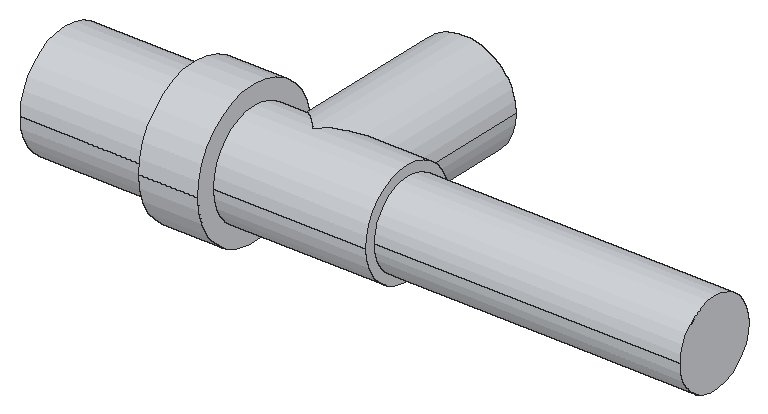
Revit family "b83462b888494c3facbb9e3b5ddea7c4", category Pipe Accessories, Revit 2021
Family settings
  Round Connector Dimension = Use Radius
  Part Type = Valve - Normal
  OmniClass Number = 23.65.55.14.17
  OmniClass Title = Adjusting/Controlling Valves for Liquid Services
  Seek Item ID = Calibrated Pressure Relief Valve-0000-USA-ENU
  Work Plane-Based = No
  Always vertical = Yes
  Cut with Voids When Loaded = No
  Shared = No
Parameters (values of type "Standard")
  Valve Material = none
  Radius 3 = Radius 2 * 0.8  # 0' - 0.18"
  Radius 2 = 0.75 * Outside Radius 2  # 0' - 0.225"
  Radius 1 = 1.25 * Outside Radius 2  # 0' - 0 3/8"
  Outside Radius 2 = 0.5 * Outside Diameter 2  # 0' - 0.3"
  Outside Radius 1 = 0.5 * Outside Diameter 1  # 0' - 0.275"
  Outside Diameter 2 = 1.2 * Nominal Diameter  # 0' - 0.6"
  Outside Diameter 1 = 1.1 * Nominal Diameter  # 0' - 0.55"
  Nominal Radius = 1/4"
  Nominal Diameter = Nominal Radius * 2  # 1/2"
  Default Elevation = 0' - 0"
Reference planes (in)
  plane 1 "Center (Front/Back)": y = 0
  plane 2: z = 0
  plane 3 "Center (Left/Right)": x = 0
  plane 4: x = -1.3125
  plane 5: x = 0.5
  plane 6: x = -0.3125
  plane 7: x = -0.625
  plane 8: x = 2.125
  plane 9: y = 1
  plane 10: x = 0.90625
  plane 11: x = 1.3125
  plane 12: x = 1.71875
  plane 13: y = 0.275
  plane 14: y = -0.275
  plane 15: x = 0.2375
  plane 16: x = -0.0375
  plane 17: y = 0.18
  plane 18: y = -0.18
Forms (in)
  Extrusion 1, solid, material <- "Valve Material", detail levels fine
    sketch origin (0, 0, 0) x (0, 1, 0) y (0, 0, 1)
      loop
        circle (0, 0) r 0.3
    from -1.3125 to -0.625
  Extrusion 2, solid, material <- "Valve Material", detail levels fine
    sketch origin (0, 0, 0) x (0, 1, 0) y (0, 0, 1)
      loop
        circle (0, 0) r 0.375
    from -0.625 to -0.3125
  Extrusion 3, solid, material <- "Valve Material", detail levels fine
    sketch origin (0, 0, 0) x (0, 1, 0) y (0, 0, 1)
      loop
        circle (0, 0) r 0.275
    from -0.3125 to 0.5
  Extrusion 4, solid, material <- "Valve Material", detail levels fine
    sketch origin (0, 0, 0) x (0, 1, 0) y (0, 0, 1)
      loop
        circle (0, 0) r 0.225
    from 0.5 to 2.125
  Extrusion 5, solid, material <- "Valve Material", detail levels fine
    sketch origin (0, 0, 0) x (1, 0, 0) y (0, 0, 1)
      loop
        circle (0, 0) r 0.275
    from -1 to 0
Cuts and joins
  joined: Extrusion 1, Extrusion 2, Extrusion 3, Extrusion 4, Extrusion 5
Lines and regions (in)
  model lines, detail levels coarse+medium
    curve 1: line (-0.3125, 0.275, 0) -> (-0.0375, 0, 0)
    curve 2: line (-0.3125, -0.275, 0) -> (0.2375, 0.275, 0)
    curve 3: line (-0.3125, 0.275, 0) -> (-0.3125, -0.275, 0)
    curve 4: line (-0.3125, 0.275, 0) -> (0.2375, 0.275, 0)
    curve 5: line (-1.3125, 0, 0) -> (-0.3125, 0, 0)
    curve 6: line (-0.0375, 0, 0) -> (2.125, 0, 0)
    curve 7: line (0.90625, 0.18, 0) -> (0.90625, -0.18, 0)
    curve 8: line (1.3125, 0.18, 0) -> (1.3125, -0.18, 0)
    curve 9: line (1.71875, 0.18, 0) -> (1.71875, -0.18, 0)
Dimensions and locks (in)
  locked: plane 4 to plane 3 "Center (Left/Right)" at 1.3125
  locked: plane 3 "Center (Left/Right)" to plane 5 at 0.5
  locked: plane 6 to plane 3 "Center (Left/Right)" at 0.3125
  locked: plane 7 to plane 3 "Center (Left/Right)" at 0.625
  locked: plane 4 to plane 8 at 3.4375
  locked: plane 1 "Center (Front/Back)" to plane 9 at 1
  equal spacing: plane 5, plane 10, plane 11, plane 12, plane 8
  "Outside Radius 1": plane 13 to plane 1 "Center (Front/Back)"
  "Outside Radius 1": plane 1 "Center (Front/Back)" to plane 14
  "Outside Diameter 1": plane 6 to plane 15
  "Outside Radius 1": plane 6 to plane 16
  "Radius 3": plane 1 "Center (Front/Back)" to plane 17
  "Radius 3": plane 1 "Center (Front/Back)" to plane 18
  "Outside Radius 2": radius of Extrusion 1 sketch curve
  "Radius 1": radius of Extrusion 2 sketch curve
  "Outside Radius 1": radius of Extrusion 3 sketch curve
  "Radius 2": radius of Extrusion 4 sketch curve
  "Outside Radius 1": radius of Extrusion 5 sketch curve
  aligned and locked: plane 2 to Extrusion 1 sketch curve
  aligned and locked: plane 1 "Center (Front/Back)" to Extrusion 1 sketch curve
  aligned and locked: Extrusion 1 to plane 4
  aligned and locked: plane 7 to Extrusion 1
  aligned and locked: plane 2 to Extrusion 2 sketch curve
  aligned and locked: plane 1 "Center (Front/Back)" to Extrusion 2 sketch curve
  aligned and locked: Extrusion 2 to plane 7
  aligned and locked: plane 6 to Extrusion 2
  aligned and locked: plane 2 to Extrusion 3 sketch curve
  aligned and locked: plane 1 "Center (Front/Back)" to Extrusion 3 sketch curve
  aligned and locked: Extrusion 3 to plane 6
  aligned and locked: plane 5 to Extrusion 3
  aligned and locked: plane 2 to Extrusion 4 sketch curve
  aligned and locked: plane 1 "Center (Front/Back)" to Extrusion 4 sketch curve
  aligned and locked: Extrusion 4 to plane 5
  aligned and locked: plane 8 to Extrusion 4
  aligned and locked: plane 2 to Extrusion 5 sketch curve
  aligned and locked: plane 3 "Center (Left/Right)" to Extrusion 5 sketch curve
  aligned and locked: plane 9 to Extrusion 5
  aligned and locked: plane 1 "Center (Front/Back)" to Extrusion 5
  aligned and locked: plane 1 "Center (Front/Back)" to curve 1
  aligned and locked: plane 13 to curve 2
  aligned and locked: plane 15 to curve 4
  aligned and locked: plane 13 to curve 3
  aligned and locked: curve 3 to plane 6
  aligned and locked: plane 4 to curve 5
  aligned and locked: plane 6 to curve 5
  aligned and locked: plane 1 "Center (Front/Back)" to curve 5
  aligned and locked: plane 16 to curve 6
  aligned and locked: plane 8 to curve 6
  aligned and locked: plane 1 "Center (Front/Back)" to curve 6
  aligned and locked: plane 17 to curve 7
  aligned and locked: plane 18 to curve 7
  aligned and locked: curve 7 to plane 10
  aligned and locked: plane 17 to curve 8
  aligned and locked: plane 18 to curve 8
  aligned and locked: curve 8 to plane 11
  aligned and locked: plane 17 to curve 9
  aligned and locked: plane 18 to curve 9
  aligned and locked: curve 9 to plane 12
Connectors (in)
  piping at (-1.3125, 0, 0), diameter 0.5, driven by "Nominal Radius"
    settings: on cut or joined group of Extrusion 1, Extrusion 2, Extrusion 3, Extrusion 4, Extrusion 5, index 1, connector inside diameter 1/2", connector length 0' - 0", flow factor 0, pipe flow 0 GPM, pressure drop 0.00 psi, fitting loss kfactor 0, connector angle 0.00°, fixture units 0, engagement length 0' - 0", angle of deflection 0.00°, flow configuration 0, flow direction 0, fitting loss method 0, system type 29, joint type 0, gender type 0, connector reference index 2, connector utility 0, adjustable connector no, is connector primary yes, connector description "In"
  piping at (0, 1, 0), diameter 0.5, driven by "Nominal Radius"
    settings: on cut or joined group of Extrusion 1, Extrusion 2, Extrusion 3, Extrusion 4, Extrusion 5, index 2, connector inside diameter 1/2", connector length 0' - 0", flow factor 0, pipe flow 0 GPM, pressure drop 0.00 psi, fitting loss kfactor 0, connector angle 0.00°, fixture units 0, engagement length 0' - 0", angle of deflection 0.00°, flow configuration 0, flow direction 0, fitting loss method 0, system type 29, joint type 0, gender type 0, connector reference index 1, connector utility 0, adjustable connector no, is connector primary no, connector description "Out"
